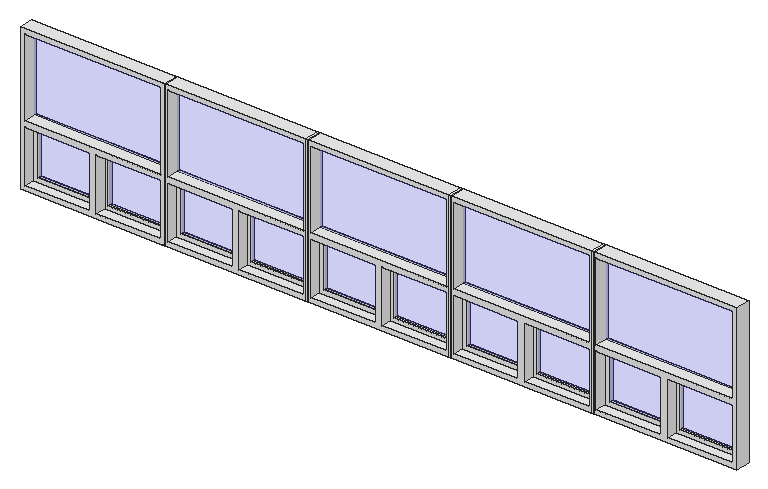
Revit family
Parameters
  창 두께 = 150 mm
  창 패널 = AW16 창 패널
  창 프레임 = AW16 창 프레임
  폭 1 = Width / 5  # 1480 mm
  Height = 1500 mm
  절반 창 두께 = 창 두께 / 2  # 75 mm
  기본 씰 높이 = 900 mm
  Wall Closure = (empty or 0)
  Width = 7400 mm
Reference planes
  plane 1: y = 0
  plane 2 "중심(왼쪽/오른쪽)": x = 0
  plane 3 "왼쪽": x = -3700
  plane 4 "오른쪽": x = 3700
  plane 5 "씰": z = 900
  plane 6 "헤드": z = 2400
  plane 7 "외부": y = 100
  plane 8 "내부": y = -100
  plane 9: y = 75
  plane 10: y = -75
  plane 11: y = 35
  plane 12: x = -3655
  plane 13: x = 3655
  plane 14: x = -3645
  plane 15: x = 3645
  plane 16: z = 1500
  plane 17: z = 1490
  plane 18: z = 1545
  plane 19: y = 55
  plane 20: y = 66
  plane 21: y = 44
  plane 22: y = -11
  plane 23: y = 11
  plane 24: x = -2220
  plane 25: x = 2220
  plane 26: x = -2252.5
  plane 27: x = -2187.5
  plane 28: x = -2242.5
  plane 29: x = -2197.5
  plane 30: x = 2187.5
  plane 31: x = 2252.5
  plane 32: x = 2197.5
  plane 33: x = 2242.5
  plane 34: x = 2960
  plane 35: x = -2960
  plane 36: x = -2992.5
  plane 37: x = -2927.5
  plane 38: x = -2982.5
  plane 39: x = -2937.5
  plane 40: x = 2927.5
  plane 41: x = 2992.5
  plane 42: x = 2937.5
  plane 43: x = 2982.5
  plane 44: x = 3330
  plane 45: x = 2590
  plane 46: x = -2590
  plane 47: x = -3330
  plane 48: x = -740
  plane 49: x = 740
  plane 50: x = -1480
  plane 51: x = 1480
  plane 52: x = -1512.5
  plane 53: x = -1447.5
  plane 54: x = -1502.5
  plane 55: x = -1457.5
  plane 56: x = -772.5
  plane 57: x = -707.5
  plane 58: x = -762.5
  plane 59: x = -717.5
  plane 60: x = -32.5
  plane 61: x = 32.5
  plane 62: x = -22.5
  plane 63: x = 22.5
  plane 64: x = 707.5
  plane 65: x = 772.5
  plane 66: x = 717.5
  plane 67: x = 762.5
  plane 68: x = 1447.5
  plane 69: x = 1512.5
  plane 70: x = 1457.5
  plane 71: x = 1502.5
Text (mm)
  text "외부" at (-1963.203, 1332.353, 0), in view "참조 레벨"
  text "내부" at (-1981.466, -818.386, 0), in view "참조 레벨"
  text "외부" at (0, 923.751, 2943.296), in view "오른쪽"
  text "외부" at (0, 1040.484, 2685.409), in view "왼쪽"
Dimensions and locks
  equal spacing: plane 3 "왼쪽", plane 2 "중심(왼쪽/오른쪽)", plane 4 "오른쪽"
  "Width": plane 3 "왼쪽" to plane 4 "오른쪽"
  "Height": plane 5 "씰" to plane 6 "헤드"
  "기본 씰 높이": plane 5 "씰" to level
  locked: plane 7 "외부" to host wall at 0
  locked: plane 8 "내부" to host wall
  plane 17 to plane 16 to plane 18 = 10 mm locked, 45 mm locked
  plane 9 to plane 19 to plane 11 = 20 mm locked, 20 mm locked
  plane 20 to plane 19 to plane 21 = 11 mm locked, 11 mm locked
  plane 23 to host wall to plane 22 = 11 mm locked, 11 mm locked
  plane 3 "왼쪽" to plane 12 to plane 14 = 45 mm locked, 10 mm locked
  plane 15 to plane 13 to plane 4 "오른쪽" = 10 mm locked, 45 mm locked
  locked: plane 5 "씰" to plane 16 at 600
  plane 26 to plane 28 to plane 24 to plane 29 to plane 27 = 10 mm locked, 22.5 mm locked, 22.5 mm locked, 10 mm locked
  plane 30 to plane 32 to plane 25 to plane 33 to plane 31 = 10 mm locked, 22.5 mm locked, 22.5 mm locked, 10 mm locked
  equal spacing: plane 24, plane 35, plane 3 "왼쪽"
  equal spacing: plane 25, plane 34, plane 4 "오른쪽"
  plane 36 to plane 38 to plane 35 to plane 39 to plane 37 = 10 mm locked, 22.5 mm locked, 22.5 mm locked, 10 mm locked
  plane 40 to plane 42 to plane 34 to plane 43 to plane 41 = 10 mm locked, 22.5 mm locked, 22.5 mm locked, 10 mm locked
  equal spacing: plane 34, plane 44, plane 4 "오른쪽"
  equal spacing: plane 34, plane 45, plane 25
  equal spacing: plane 35, plane 46, plane 24
  equal spacing: plane 35, plane 47, plane 3 "왼쪽"
  equal spacing: plane 3 "왼쪽", plane 24, plane 48, plane 49, plane 25, plane 4 "오른쪽"
  plane 52 to plane 54 to plane 50 to plane 55 to plane 53 = 10 mm locked, 22.5 mm locked, 22.5 mm locked, 10 mm locked
  plane 56 to plane 58 to plane 48 to plane 59 to plane 57 = 10 mm locked, 22.5 mm locked, 22.5 mm locked, 10 mm locked
  plane 60 to plane 62 to plane 2 "중심(왼쪽/오른쪽)" to plane 63 to plane 61 = 10 mm locked, 22.5 mm locked, 22.5 mm locked, 10 mm locked
  plane 64 to plane 66 to plane 49 to plane 67 to plane 65 = 10 mm locked, 22.5 mm locked, 22.5 mm locked, 10 mm locked
  plane 68 to plane 70 to plane 51 to plane 71 to plane 69 = 10 mm locked, 22.5 mm locked, 22.5 mm locked, 10 mm locked
  "절반 창 두께": plane 9 to host wall
  "절반 창 두께": host wall to plane 10
  equal spacing: group 2, group 5, group 4, group 3, group 1
  equal spacing: group 1, group 3, group 4, group 5, group 2  (x2)
  aligned and locked: plane 4 "오른쪽" to nested 1
  aligned and locked: plane 5 "씰" to nested 1
  aligned and locked: nested 2 to plane 5 "씰"
  aligned and locked: plane 24 to nested 2
Nested families
  nested 1: "AW9 2" at (2950, 0, 300) x (-1, 0, 0) z (0, 0, 1), type "AW9"
    with Height 1500 mm
  nested 2: "AW9 2" at (-2970, 0, 300) x (-1, 0, 0) z (0, 0, 1), type "AW9"
    with Height 1500 mm
  nested 3: "AW9 2" at (1470, 0, 300) x (-1, 0, 0) z (0, 0, 1), type "AW9"
    with Height 1500 mm
  nested 4: "AW9 2" at (-10, 0, 300) x (-1, 0, 0) z (0, 0, 1), type "AW9"
    with Height 1500 mm
  nested 5: "AW9 2" at (-1490, 0, 300) x (-1, 0, 0) z (0, 0, 1), type "AW9"
    with Height 1500 mm
Definition of nested family "AW9 2"
  Parameters (values of type "AW9")
    창 두께 = 150 mm
    창 패널 = AW26 창 패널
    창 프레임 = AW26 창 프레임
    Height = 2100 mm
    절반 창 두께 = 창 두께 / 2  # 75 mm
    기본 씰 높이 = 600 mm
    Wall Closure = (empty or 0)
    Width = 1500 mm
    Assembly Code = ""
  Types (3, lengths in mm): name | Width
    AW9 | 1500
    AW9 2 | 1600
    AW9 1 | 4500
  Reference planes
    plane 1: y = 0
    plane 2 "중심(왼쪽/오른쪽)": x = 0
    plane 3 "왼쪽": x = -750
    plane 4 "오른쪽": x = 750
    plane 5 "씰": z = 600
    plane 6 "헤드": z = 2700
    plane 7 "외부": y = 100
    plane 8 "내부": y = -100
    plane 9: y = 75
    plane 10: y = -75
    plane 11: y = 35
    plane 12: x = -705
    plane 13: x = 705
    plane 14: x = -695
    plane 15: x = 695
    plane 16: z = 1200
    plane 17: z = 1190
    plane 18: z = 1245
    plane 19: y = 55
    plane 20: y = 66
    plane 21: y = 44
    plane 22: y = -11
    plane 23: y = 11
    plane 24: x = -22.5
    plane 25: x = 22.5
    plane 26: x = -32.5
    plane 27: x = 32.5
    plane 28: z = 2655
    plane 29: z = 645
    plane 30: x = 655
    plane 31: z = 1150
    plane 32: x = -655
    plane 33: z = 685
    plane 34: x = 72.5
    plane 35: x = -72.5
    plane 36: x = 368.75
    plane 37: x = -368.75
  Forms (mm)
    Extrusion 1, solid, material "AW26 창 프레임" <- "창 프레임"
      sketch origin (-2000, 75, 1000) x (-1, 0, 0) y (0, 0, 1)
        loop
          line (-2750, 1700) -> (-2750, -400) -> (-1250, -400) -> (-1250, 1700) -> (-2750, 1700)
        loop
          line (-2705, 1655) -> (-2705, 245) -> (-1295, 245) -> (-1295, 1655) -> (-2705, 1655)
        loop
          line (-2705, -355) -> (-2032.5, -355) -> (-2032.5, 190) -> (-2705, 190) -> (-2705, -355)
        loop
          line (-1295, -355) -> (-1295, 190) -> (-1967.5, 190) -> (-1967.5, -355) -> (-1295, -355)
      from -150 to 0
    Extrusion 2, solid, material "AW26 창 프레임" <- "창 프레임"
      sketch origin (-2000, 75, 1000) x (-1, 0, 0) y (0, 0, 1)
        loop
          line (-2705, 190) -> (-2705, -355) -> (-2032.5, -355) -> (-2032.5, 190) -> (-2705, 190)
        loop
          line (-1967.5, 190) -> (-1967.5, -355) -> (-1295, -355) -> (-1295, 190) -> (-1967.5, 190)
        loop
          line (-2655, 150) -> (-2655, -315) -> (-2072.5, -315) -> (-2072.5, 150) -> (-2655, 150)
        loop
          line (-1927.5, 150) -> (-1927.5, -315) -> (-1345, -315) -> (-1345, 150) -> (-1927.5, 150)
      from -40 to 0
    Extrusion 3, solid, material "AW26 창 패널" <- "창 패널"
      sketch origin (-2000, 75, 1000) x (-1, 0, 0) y (0, 0, 1)
        loop
          line (-2705, 1655) -> (-2705, 245) -> (-1295, 245) -> (-1295, 1655) -> (-2705, 1655)
        loop
          line (-2655, 150) -> (-2655, -315) -> (-2072.5, -315) -> (-2072.5, 150) -> (-2655, 150)
        loop
          line (-1927.5, 150) -> (-1927.5, -315) -> (-1345, -315) -> (-1345, 150) -> (-1927.5, 150)
      from -31 to -9
  Lines and regions (mm)
    Opening 1
      outline origin (3500, -100, 0) x (1, 0, 0) y (0, 0, 1)
        loop
          line (-2750, 600) -> (-2750, 2700) -> (-4250, 2700) -> (-4250, 600) -> (-2750, 600)
    symbolic lines
      curve 1: line (-705, 75, 0) -> (-705, -75, 0)
      curve 2: line (705, 75, 0) -> (705, -75, 0)
      curve 3: line (-750, 75, 0) -> (750, 75, 0)
      curve 4: line (-705, 0, 0) -> (705, 0, 0)
      curve 5: line (-750, -75, 0) -> (750, -75, 0)
  Text (mm)
    text "외부" at (-1963.203, 1332.353, 0), in view "참조 레벨"
    text "내부" at (-1981.466, -818.386, 0), in view "참조 레벨"
    text "외부" at (0, 923.751, 2943.296), in view "오른쪽"
    text "외부" at (0, 1040.484, 2685.409), in view "왼쪽"
  Dimensions and locks
    equal spacing: plane 3 "왼쪽", plane 2 "중심(왼쪽/오른쪽)", plane 4 "오른쪽"
    "Width": plane 3 "왼쪽" to plane 4 "오른쪽"
    "Height": plane 5 "씰" to plane 6 "헤드"
    locked: plane 7 "외부" to host wall at 0
    locked: plane 8 "내부" to host wall
    plane 17 to plane 16 to plane 18 = 10 mm locked, 45 mm locked
    plane 9 to plane 19 to plane 11 = 20 mm locked, 20 mm locked
    plane 20 to plane 19 to plane 21 = 11 mm locked, 11 mm locked
    plane 23 to host wall to plane 22 = 11 mm locked, 11 mm locked
    plane 3 "왼쪽" to plane 12 to plane 14 = 45 mm locked, 10 mm locked
    plane 15 to plane 13 to plane 4 "오른쪽" = 10 mm locked, 45 mm locked
    plane 24 to plane 2 "중심(왼쪽/오른쪽)" to plane 25 = 22.5 mm locked, 22.5 mm locked
    locked: plane 26 to plane 24 at 10
    locked: plane 25 to plane 27 at 10
    locked: plane 5 "씰" to plane 16 at 600
    "절반 창 두께": plane 9 to plane 1
    "절반 창 두께": plane 10 to plane 1
    "기본 씰 높이": level to plane 5 "씰"
    locked: plane 28 to plane 6 "헤드" at 45
    locked: plane 5 "씰" to plane 29 at 45
    locked: plane 30 to plane 15 at 40
    locked: plane 31 to plane 17 at 40
    locked: plane 14 to plane 32 at 40
    locked: plane 29 to plane 33 at 40
    locked: plane 34 to plane 27 at 40
    locked: plane 26 to plane 35 at 40
    equal spacing: plane 27, plane 36, plane 13
    equal spacing: plane 26, plane 37, plane 12
    aligned and locked: plane 6 "헤드" to Extrusion 1 sketch curve
    aligned and locked: plane 4 "오른쪽" to Extrusion 1 sketch curve
    aligned and locked: Extrusion 1 sketch curve to plane 5 "씰"
    aligned and locked: Extrusion 1 sketch curve to plane 3 "왼쪽"
    aligned and locked: Extrusion 1 sketch curve to plane 28
    aligned and locked: plane 13 to Extrusion 1 sketch curve  (x2)
    aligned and locked: plane 29 to Extrusion 1 sketch curve  (x2)
    aligned and locked: Extrusion 1 sketch curve to plane 12
    aligned and locked: plane 18 to Extrusion 1 sketch curve
    aligned and locked: plane 12 to Extrusion 1 sketch curve
    aligned and locked: plane 17 to Extrusion 1 sketch curve  (x2)
    aligned and locked: plane 27 to Extrusion 1 sketch curve
    aligned and locked: plane 26 to Extrusion 1 sketch curve
    aligned and locked: Extrusion 1 to plane 10
    aligned and locked: plane 9 to Extrusion 1
    aligned and locked: plane 17 to Extrusion 2 sketch curve  (x2)
    aligned and locked: plane 13 to Extrusion 2 sketch curve
    aligned and locked: plane 29 to Extrusion 2 sketch curve  (x2)
    aligned and locked: plane 27 to Extrusion 2 sketch curve
    aligned and locked: Extrusion 2 sketch curve to plane 31  (x2)
    aligned and locked: Extrusion 2 sketch curve to plane 30
    aligned and locked: plane 33 to Extrusion 2 sketch curve  (x2)
    aligned and locked: Extrusion 2 sketch curve to plane 34
    aligned and locked: Extrusion 2 sketch curve to plane 26
    aligned and locked: Extrusion 2 sketch curve to plane 12
    aligned and locked: Extrusion 2 sketch curve to plane 35
    aligned and locked: Extrusion 2 sketch curve to plane 32
    aligned and locked: Extrusion 2 to plane 9
    aligned and locked: Extrusion 2 to plane 11
    aligned and locked: Extrusion 3 sketch curve to plane 28
    aligned and locked: plane 13 to Extrusion 3 sketch curve
    aligned and locked: Extrusion 3 sketch curve to plane 18
    aligned and locked: Extrusion 3 sketch curve to plane 12
    aligned and locked: Extrusion 3 sketch curve to plane 31  (x2)
    aligned and locked: Extrusion 3 sketch curve to plane 30
    aligned and locked: plane 33 to Extrusion 3 sketch curve  (x2)
    aligned and locked: Extrusion 3 sketch curve to plane 34
    aligned and locked: Extrusion 3 sketch curve to plane 35
    aligned and locked: Extrusion 3 sketch curve to plane 32
    aligned and locked: Extrusion 3 to plane 21
    aligned and locked: plane 20 to Extrusion 3
    aligned and locked: plane 13 to curve 2
    aligned and locked: plane 9 to curve 1
    aligned and locked: plane 10 to curve 1
    aligned and locked: plane 12 to curve 1
    aligned and locked: plane 3 "왼쪽" to curve 3
    aligned and locked: plane 3 "왼쪽" to curve 5
    aligned and locked: plane 12 to curve 4
    aligned and locked: plane 4 "오른쪽" to curve 3
    aligned and locked: plane 4 "오른쪽" to curve 5
    aligned and locked: plane 13 to curve 4
    aligned and locked: curve 5 to plane 10
    aligned and locked: curve 3 to plane 9
    aligned and locked: host wall to curve 4
  Automatic sketch dimensions
    Opening 1 sketch curve to plane 3 "왼쪽" = 0 mm
    Opening 1 sketch curve to plane 4 "오른쪽" = 0 mm
    Opening 1 sketch curve to plane 5 "씰" = 0 mm
    Opening 1 sketch curve to plane 6 "헤드" = 0 mm
    Extrusion 1 sketch curve to plane 17 = 0 mm
    Extrusion 1 sketch curve to plane 29 = 0 mm
